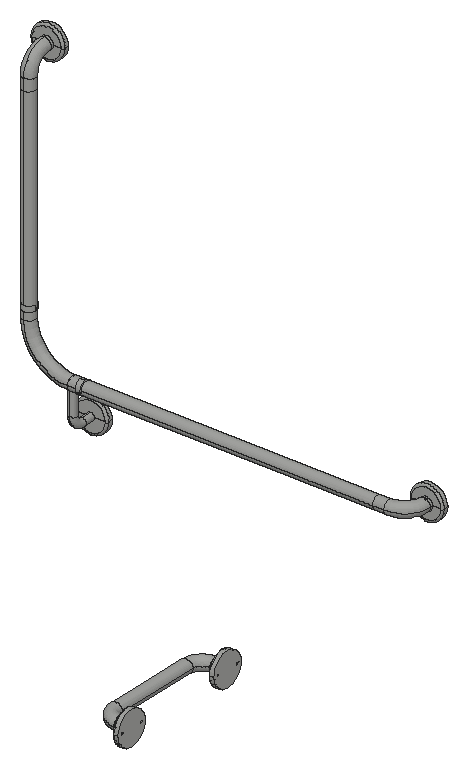
Revit family "RBA4806-301", category Plumbing Fixtures, Revit 2021
Family settings
  Round Connector Dimension = Use Diameter
  Part Type = Normal
  Work Plane-Based = No
  Always vertical = No
  Cut with Voids When Loaded = No
  Shared = No
  Room Calculation Point = No
Parameters
  Watermarked By = "www.rba.com.au"
  URL = "rba.com.au/product-category/accessible-disabled/grab-rails/"
  Phone Number = "1300 788 778"
  OFFSET = 800.00 mm
  Model = "RBA4805-301"
  Materials and Finishes = PVD Gunmetal Stainless Steel
  Manufacturer Model = ""
  Manufacturer = "RBA Group"
  Distance Away from Wall [instance] = 100.00 mm
  Distance Away from Toilet [instance] = 1090.00 mm
  Description = "RH Accessible Rail + 300mm Straight Kit | Brushed Brass"
  Default Elevation = 0.00 mm
  Copyrighted by = "RBA Group"  # constant formula
  Assembly Code = ""
Reference planes
  plane 1 "Center (Front/Back)": y = 0
  plane 2: z = 0
  plane 3: x = 40.5
  plane 4: z = 800
  plane 5: x = 1090.5
  plane 6: x = 990.5
  plane 7: x = 140.5
  plane 8: z = 700
  plane 9: z = 1500
  plane 10: y = -86
  plane 11: y = -54
  plane 12: y = -1074
  plane 13: y = -1090
  plane 14: x = 1035.5
  plane 15: x = 1003.5
  plane 16: z = 816
  plane 17: x = 56.5
  plane 18: x = 46.5
Dimensions and locks
  "OFFSET": plane 4 to plane 2
  plane 11 to plane 1 "Center (Front/Back)" = 54.00 mm
  plane 10 to plane 1 "Center (Front/Back)" = 86.00 mm
  "Distance Away from Wall": plane 6 to plane 5
  locked: plane 12 to plane 13 at 16
  "Distance Away from Toilet": plane 13 to plane 1 "Center (Front/Back)"
Nested families
  nested 1: "RBA4806-911" at (-656, 0, 800), type "RBA4806-911"
  nested 2: "RBA4806-Straight-Series" at (1090.5, -1074, 800) x (0, 1, 0) z (0, 0, -1), type "RBA4806-030"
Definition of nested family "RBA4806-911"
  Parameters (values of type "RBA4806-911")
    Watermarked By = "www.rba.com.au"
    URL = "www.rba.com.au"
    R_Void [instance] = 15.00 mm
    R [instance] = 0.00 mm
    Phone Number = ""
    Modified Issue = ""
    Model = "RBA4806-911"
    Materials and Finishes = none
    Manufacturer Model = "B819436"
    Manufacturer = "RBA Group"
    Description = "RTA SSS Right Hand Single Wall 90° Rail"
    Default Elevation = 0.00 mm
    Copyrighted by = "RBA Group"  # constant formula
    Assembly Code = ""
  Reference planes
    plane 1 "Center (Front/Back)": y = 0
    plane 2: z = 0
    plane 3: x = 40.5
    plane 4: x = 990.5
    plane 5: x = 515.5
    plane 6: z = 700
    plane 7: x = 835.5
    plane 8: z = -100
    plane 9: x = 974.5
    plane 10: z = 16
    plane 11: y = -70
    plane 12: y = -86
    plane 13: y = -54
    plane 14: y = -79.5
    plane 15: y = -60.5
    plane 16: z = -30
    plane 17: z = 30
    plane 18: x = 1606.5
    plane 19: x = 1666.5
    plane 20: z = 670
    plane 21: z = 730
    plane 22: x = 716.5
    plane 23: x = 656.5
    plane 24: z = -130
    plane 25: z = -70
    plane 26: x = 766.5
    plane 27: x = 826.5
  Forms (mm)
    Extrusion 1, solid, material <- "Materials and Finishes"
      sketch origin (1636.5, -2.628, 315.907) x (0, 0, -1) y (-1, 0, 0)
        loop
          circle (315.907, 0) r 40
      from -0.219 to 2.628
    Revolve 2, solid, material <- "Materials and Finishes"
      sketch origin (1636.5, 18.663, 0) x (0, -1, 0) y (1, 0, 0)
        loop
          line (18.663, 0) -> (33.701, 0) -> (32.842, 36.617)
          arc (32.842, 36.617) -> (31.337, 40.077) -> (27.844, 41.5) r 5
          line (27.844, 41.5) -> (18.663, 41.5) -> (18.663, 0)
        axis (18.663, 0) -> (33.701, 0)
      angle from 0 to 360
    Extrusion 3, void
      sketch origin (1636.5, 34.941, 315.907) x (0, 0, -1) y (-1, 0, 0)
        loop
          circle (315.907, 30) r 5
        loop
          circle (315.907, -30) r 5
      from -37.788 to -30
    Sweep 4, solid, material <- "Materials and Finishes"
      path origin (1636.5, 12.454, 0) x (0, -1, 0) y (-1, 0, 0)
        loop
          line (12.454, 0) -> (34.454, 0)
          arc (34.454, 0) -> (68.395, 14.059) -> (82.454, 48) r 48
          line (82.454, 48) -> (82.454, 76)
      profile origin (1636.5, -11, 0) x (1, 0, 0) y (0, 0, 1)
        loop
          circle (0, 0) r 16
    Extrusion 5, solid, material <- "Materials and Finishes"
      sketch origin (686.5, -2.628, 1015.907) x (0, 0, -1) y (-1, 0, 0)
        loop
          circle (315.907, 0) r 40
      from -0.219 to 2.628
    Extrusion 6, void
      sketch origin (686.5, 34.941, 1015.907) x (0, 0, -1) y (-1, 0, 0)
        loop
          circle (315.907, -30) r 5
        loop
          circle (315.907, 30) r 5
      from -37.788 to -30
    Sweep 7, solid, material <- "Materials and Finishes"
      path origin (-13.5, 12.454, 700) x (0, -1, 0) y (0, 0, -1)
        loop
          line (12.454, 0) -> (34.454, 0)
          arc (34.454, 0) -> (68.395, 14.059) -> (82.454, 48) r 48
          line (82.454, 48) -> (82.454, 76)
      profile origin (-13.5, -11, 700) x (0, 0, -1) y (1, 0, 0)
        loop
          circle (0, 700) r 16
    Revolve 8, solid, material <- "Materials and Finishes"
      sketch origin (686.5, 18.663, 700) x (0, -1, 0) y (1, 0, 0)
        loop
          line (18.663, 0) -> (18.663, -41.5) -> (27.844, -41.5)
          arc (27.844, -41.5) -> (31.337, -40.077) -> (32.842, -36.617) r 5
          line (32.842, -36.617) -> (33.701, 0) -> (18.663, 0)
        axis (18.663, 0) -> (33.701, 0)
      angle from 0 to 360
    Sweep 9, solid, material <- "Materials and Finishes"
      path origin (1677, 0, 0) x (-1, 0, 0) y (0, 0, -1)
        loop
          line (116.5, 0) -> (880.5, 0)
          arc (880.5, 0) -> (958.282, -32.218) -> (990.5, -110) r 110
          line (990.5, -110) -> (990.5, -624)
      profile origin (1178.5, 0, 0) x (0, 0, -1) y (0, -1, 0)
        loop
          circle (0, 70) r 16
    Extrusion 10, solid, material <- "Materials and Finishes"
      sketch origin (796.5, -2.628, 215.907) x (0, 0, -1) y (-1, 0, 0)
        loop
          circle (315.907, 0) r 40
      from -0.219 to 2.628
    Revolve 11, solid, material <- "Materials and Finishes"
      sketch origin (796.5, 18.663, -100) x (0, -1, 0) y (1, 0, 0)
        loop
          line (18.663, 0) -> (33.701, 0) -> (32.842, 36.617)
          arc (32.842, 36.617) -> (31.337, 40.077) -> (27.844, 41.5) r 5
          line (27.844, 41.5) -> (18.663, 41.5) -> (18.663, 0)
        axis (18.663, 0) -> (33.701, 0)
      angle from 0 to 360
    Sweep 12, solid, material <- "Materials and Finishes"
      path origin (796.5, 12.454, -100) x (0, -1, 0) y (0, 0, 1)
        loop
          line (12.454, 0) -> (54.454, 0)
          arc (54.454, 0) -> (74.253, 8.201) -> (82.454, 28) r 28
          line (82.454, 28) -> (82.454, 100)
      profile origin (796.5, -21, -100) x (0, 0, 1) y (-1, 0, 0)
        loop
          circle (0, 0) r 9.5
    Extrusion 13, void
      sketch origin (796.5, 34.941, 215.907) x (0, 0, -1) y (-1, 0, 0)
        loop
          circle (315.907, 30) r 5
        loop
          circle (315.907, -30) r 5
      from -37.788 to -30
    Extrusion 14, solid, material <- "Materials and Finishes"
      sketch origin (1677, 0, 0) x (-1, 0, 0) y (0, -1, 0)
        loop
          circle (990.5, 70) r 17
      from 142 to 130
    Extrusion 15, solid, material <- "Materials and Finishes"
      sketch origin (1026.5, 0, 990.5) x (0, 0, -1) y (0, -1, 0)
        loop
          circle (990.5, 70) r 17
      from 210 to 198
  Cuts and joins
    Extrusion 3 cuts Extrusion 1
    Extrusion 6 cuts Extrusion 5
    Extrusion 13 cuts Extrusion 10
    Extrusion 3 cuts Revolve 2
    Extrusion 6 cuts Revolve 8
    Extrusion 13 cuts Revolve 11
    joined: Revolve 2, Sweep 4, Sweep 7, Revolve 8, Sweep 9, Revolve 11, Sweep 12
  Dimensions and locks
    level to plane 8 = 100.00 mm
    plane 6 to level = 700.00 mm
    plane 4 to plane 7 = 155.00 mm
    plane 4 to plane 3 = 950.00 mm
    Revolve 2 sketch curve to Revolve 2 sketch curve = 41.50 mm
    plane 17 to plane 16 = 60.00 mm
    plane 18 to plane 19 = 60.00 mm
    plane 21 to plane 20 = 60.00 mm
    plane 23 to plane 22 = 60.00 mm
    Revolve 8 sketch curve to Revolve 8 sketch curve = 41.50 mm
    Revolve 11 sketch curve to Revolve 11 sketch curve = 41.50 mm
    plane 25 to plane 24 = 60.00 mm
    plane 26 to plane 27 = 60.00 mm
    radius of Extrusion 1 sketch curve = 40.00 mm
    radius of Sweep 4 sketch curve = 16.00 mm
    radius of Extrusion 5 sketch curve = 40.00 mm
    radius of Sweep 7 sketch curve = 16.00 mm
    radius of Extrusion 10 sketch curve = 40.00 mm
    radius of Sweep 12 sketch curve = 9.50 mm
    aligned and locked: Revolve 2 to Extrusion 1
    aligned and locked: Revolve 11 to Extrusion 10
Definition of nested family "RBA4806-Straight-Series"
  Parameters (values of type "RBA4806-045")
    Watermarked By = "www.rba.com.au"
    URL = "www.rba.com.au"
    Phone Number = ""
    OFFSET [instance] = 800.00 mm
    Modified Issue = "20191004.01"
    Model = "RBA4000-045"
    Materials & Finishes = none
    Manufacturer = "RBA Group"  # constant formula
    Lgth = 450.00 mm
    Diameter = 32.00 mm
    Description = "Straight Grab Rail 450mm"
    Default Elevation = 0.00 mm
    Copyright by = "RBA Group"  # constant formula
  Types (9, lengths in mm): name | URL | Phone Number | Modified Issue | Model | Lgth | Description
    RBA4806-030 | "www.rba.com.au" | "" | "20190510.1" | "RBA4000-030" | 300.00 | "Straight Grab Rail 300mm"
    RBA4806-045 | "www.rba.com.au" | "" | "20191004.01" | "RBA4000-045" | 450.00 | "Straight Grab Rail 450mm"
    RBA4806-060 | "www.rba.com.au" | "" | "" | "RBA4806-Straight-Series" | 600.00 | "RTA SSS Straight Grabrail"
    RBA4806-070 | "www.rba.com.au" | "" | "20191004.01" | "RBA4000-075" | 700.00 | "Straight Grab Rail 750mm"
    RBA4806-090 | "www.rba.com.au" | "" | "20191004.01" | "RBA4000-090" | 900.00 | "Straight Grab Rail 900mm"
    RBA4806-080 | "http://www.rba.com.au/accessible-disabled/grab-rails" | "1300 788 778" | "20191004.01" | "RBA4000-080" | 800.00 | "Straight Grab Rail 800mm"
    RBA4806-100 | "http://www.rba.com.au/accessible-disabled/grab-rails" | "1300 788 778" | "20191004.01" | "RBA4000-100" | 1000.00 | "Straight Grab Rail 1000mm"
    RBA4806-120 | "http://www.rba.com.au/accessible-disabled/grab-rails" | "1300 788 778" | "20191004.01" | "RBA4000-120" | 1200.00 | "Straight Grab Rail 1200mm"
    RBA4806-040 | "www.rba.com.au" | "" | "20191108.1" | "RBA4000-040" | 400.00 | "Straight Grab Rail 400mm"
  Reference planes
    plane 1 "Center (Front/Back)": y = 0
    plane 2: z = 0
    plane 3 "Center (Left/Right)": x = 0
    plane 4: x = 0
    plane 5: x = 0
    plane 6: y = -57
    plane 7: y = -89
    plane 8: x = 450
    plane 9: z = 16
    plane 10: z = -16
  Forms (mm)
    Sweep 1, solid, material <- "Materials & Finishes"
      path origin (-273.954, -750, 0) x (0, -1, 0) y (1, 0, 0)
        loop
          line (-740, 723.954) -> (-719, 723.954)
          arc (-719, 723.954) -> (-690.716, 712.239) -> (-679, 683.954) r 40
          line (-679, 683.954) -> (-679, 313.954)
          arc (-679, 313.954) -> (-690.716, 285.67) -> (-719, 273.954) r 40
          line (-719, 273.954) -> (-740, 273.954)
      profile origin (225, -71, 0) x (0, -1, 0) y (0, 0, 1)
        loop
          circle (0, 0) r 16
    Extrusion 2, solid, material <- "Materials & Finishes"
      sketch origin (62.5, -2.628, -315.907) x (0, 0, 1) y (1, 0, 0)
        loop
          circle (315.907, -62.5) r 40
      from -0.206 to 2.628
    Revolve 3, solid, material <- "Materials & Finishes"
      sketch origin (62.5, 18.663, 0) x (-1, 0, 0) y (0, -1, 0)
        loop
          line (62.5, 18.663) -> (104, 18.663) -> (104, 28.968)
          arc (104, 28.968) -> (103.207, 31.014) -> (101.243, 31.992) r 3.037
          arc (101.243, 31.992) -> (81.892, 33.334) -> (62.5, 33.781) r 420.249
          line (62.5, 33.781) -> (62.5, 18.663)
        axis (62.5, 18.663) -> (62.5, 33.781)
      angle from 0 to 360
    Extrusion 4, void
      sketch origin (62.704, 34.941, -270.785) x (-0.515038, 0, 0.857167) y (0.857167, 0, 0.515038)
        loop
          circle (248.952, 111.432) r 4.75
        loop
          circle (279.854, 60.002) r 4.75
      from -37.775 to -34.941
    Extrusion 5, solid, material <- "Materials & Finishes"
      sketch origin (237.5, -2.628, -315.907) x (0, 0, 1) y (1, 0, 0)
        loop
          circle (315.907, 212.5) r 40
      from -0.206 to 2.628
    Revolve 6, solid, material <- "Materials & Finishes"
      sketch origin (237.5, 18.663, 0) x (-1, 0, 0) y (0, -1, 0)
        loop
          line (-212.5, 18.663) -> (-212.5, 33.781)
          arc (-212.5, 33.781) -> (-231.892, 33.334) -> (-251.243, 31.992) r 420.249
          arc (-251.243, 31.992) -> (-253.207, 31.014) -> (-254, 28.968) r 3.037
          line (-254, 28.968) -> (-254, 18.663) -> (-212.5, 18.663)
        axis (-212.5, 18.663) -> (-212.5, 33.781)
      angle from 0 to 360
    Extrusion 7, void
      sketch origin (362.704, 34.941, -270.785) x (-0.515038, 0, 0.857167) y (0.857167, 0, 0.515038)
        loop
          circle (202.599, 188.577) r 4.75
        loop
          circle (171.696, 240.007) r 4.75
      from -37.775 to -34.941
  Cuts and joins
    Extrusion 7 cuts Sweep 1
    Extrusion 4, Extrusion 7 cuts Extrusion 2
    Extrusion 4, Extrusion 7 cuts Revolve 3
    Extrusion 7 cuts Extrusion 5
    Extrusion 7 cuts Revolve 6
    joined: Sweep 1, Extrusion 2, Revolve 3, Extrusion 5, Revolve 6
  Dimensions and locks
    "Lgth": plane 3 "Center (Left/Right)" to plane 8
    radius of Sweep 1 sketch curve = 16.00 mm
    aligned and locked: level to plane 2
    aligned and locked: Revolve 3 to Extrusion 2
    aligned and locked: Extrusion 2 to Extrusion 4
    aligned and locked: Revolve 6 to Extrusion 5
  Automatic sketch dimensions
    Sweep 1 sketch curve to plane 8 = 0.00 mm
    Sweep 1 sketch curve to plane 3 "Center (Left/Right)" = 0.00 mm
    plane 6 to Sweep 1 sketch curve = 26.00 mm  (x2)
    Sweep 1 sketch curve to plane 6 = 14.00 mm
    plane 1 "Center (Front/Back)" to Sweep 1 sketch curve = 10.00 mm  (x2)
    Sweep 1 sketch curve to profile plane = 0.00 mm  (x2)
    Extrusion 2 sketch curve to level = 0.00 mm
    Extrusion 2 sketch curve to plane 3 "Center (Left/Right)" = 0.00 mm
    plane 1 "Center (Front/Back)" to Revolve 3 sketch curve = 0.00 mm
    Revolve 3 sketch curve to plane 3 "Center (Left/Right)" = 0.00 mm  (x2)
    plane 1 "Center (Front/Back)" to Revolve 3 sketch curve = 10.305 mm
    Revolve 3 sketch curve to plane 3 "Center (Left/Right)" = 38.463 mm
    Revolve 3 sketch curve to Revolve 3 sketch curve = 3.037 mm
    Revolve 3 sketch curve to plane 1 "Center (Front/Back)" = 405.131 mm
    Revolve 3 sketch curve to Revolve 3 sketch curve = 15.118 mm
    Revolve 3 sketch curve to plane 1 "Center (Front/Back)" = 21.537 mm
    Revolve 3 sketch curve to Revolve 3 sketch curve = 0.00 mm
    plane 6 to Revolve 3 sketch curve = 13.537 mm
    Extrusion 5 sketch curve to level = 0.00 mm
    plane 8 to Extrusion 5 sketch curve = 0.00 mm
    plane 1 "Center (Front/Back)" to Revolve 6 sketch curve = 0.00 mm
    Revolve 6 sketch curve to plane 8 = 0.00 mm  (x2)
    plane 1 "Center (Front/Back)" to Revolve 6 sketch curve = 10.305 mm
    Revolve 6 sketch curve to plane 8 = 38.463 mm
    Revolve 6 sketch curve to Revolve 6 sketch curve = 3.037 mm
    Revolve 6 sketch curve to plane 1 "Center (Front/Back)" = 405.131 mm
    Revolve 6 sketch curve to Revolve 6 sketch curve = 15.118 mm
    Revolve 6 sketch curve to plane 1 "Center (Front/Back)" = 21.537 mm
    Revolve 6 sketch curve to Revolve 6 sketch curve = 0.00 mm
    plane 6 to Revolve 6 sketch curve = 13.537 mm
    Extrusion 7 sketch curve to level = 0.00 mm  (x2)
    Extrusion 7 sketch curve to plane 8 = 30.00 mm
    Extrusion 7 sketch curve to Extrusion 7 sketch curve = 30.902 mm
    Extrusion 4 sketch curve to level = 0.00 mm  (x2)
    plane 3 "Center (Left/Right)" to Extrusion 4 sketch curve = 30.00 mm
    Extrusion 4 sketch curve to Extrusion 4 sketch curve = 30.902 mm
    radius of Extrusion 2 sketch curve = 40.00 mm
    radius of Extrusion 5 sketch curve = 40.00 mm
    radius of Extrusion 7 sketch curve = 4.75 mm  (x2)
    radius of Extrusion 4 sketch curve = 4.75 mm  (x2)
